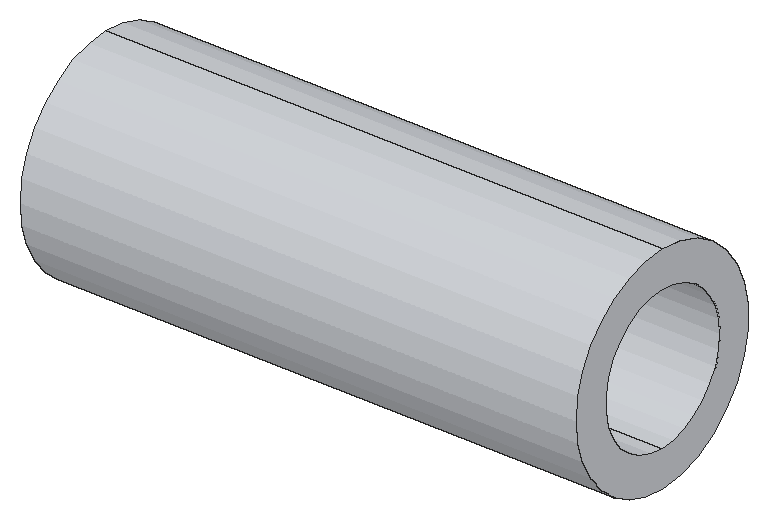
Revit family "TR3006", category Verbindungsmittel, Revit 2021
Family settings
  OmniClass-Nummer = 23.25.10.27.11.21
  OmniClass-Titel = Reinforcement Couplers
  Arbeitsebenenbasiert = Nein
  Immer vertikal = Nein
  Beim Laden mit Abzugskörper schneiden = Nein
  Gemeinsam genutzt = Nein
Parameters (values of type "TR 3006-ø18")
  URL = "http//:www.annahuette.com"
  Typenkommentare = "TR 3006 - Kontaktmuffe"
  Typenbild = TR3006.png
  TR3006-ød = 18 mm
  TR3006-ø = 27 mm
  TR3006-L_Vis = [TR3006-L] = [TR3006-L]  # yes
  TR3006-L = 70 mm
  TR3006-G_Vis = [TR3006-G] = [TR3006-G]  # yes
  TR3006-G = 0.16 kg
  Stabgröße 2 = SAS 670 - ø18
  Stabgröße 1 = SAS 670 - ø18
  Modell = "TR 3006"
  Körper = if([TR3006-G_Vis], [TR3006-G], 0.00 kg)  # 0,16 kg
  Hersteller = "Stahlwerk Annahütte Max Aicher GmbH Co.KG"
  Gesamtlänge = if([TR3006-L_Vis], [TR3006-L], 0 mm)  # 70 mm
  Endenbearbeitung 2 = Mit Gewinde
  Endenbearbeitung 1 = Mit Gewinde
  Einfassung Stab 2 = [TR3006-L] / 2  # 35 mm
  Einfassung Stab 1 = [TR3006-L] / 2  # 35 mm
  Beschreibung = "TR3006-ø18"
  Außendurchmesser = [TR3006-ø]  # 27 mm
Types (11, lengths in mm): name | TR3006-ød | TR3006-ø | TR3006-L | TR3006-G | Stabgröße 2 | Stabgröße 1 | Körper | Gesamtlänge | Einfassung Stab 2 | Einfassung Stab 1 | Beschreibung | Außendurchmesser
  (no name) | 18 | 27 | 70 | 0.16 kg | SAS 670 - ø18 | SAS 670 - ø18 | 0.16 (stored number, unit not read) | 70 | 0.11483 (stored number, unit not read) | 0.11483 (stored number, unit not read) | "TR3006-ø18" | 27
  TR 3006-ø18 | 18 | 27 | 70 | 0.16 kg | SAS 670 - ø18 | SAS 670 - ø18 | 0,16 kg | 70 | 35 mm | 35 mm | "TR3006-ø18" | 27
  TR 3006-ø22 | 22 | 32 | 75 | 0.22 kg | SAS 670 - ø22 | SAS 670 - ø22 | 0,22 kg | 75 | 38 mm | 38 mm | "TR3006-ø22" | 32
  TR 3006-ø25 | 25 | 40 | 80 | 0.43 kg | SAS 670 - ø25 | SAS 670 - ø25 | 0,43 kg | 80 | 40 mm | 40 mm | "TR3006-ø25" | 40
  TR 3006-ø28 | 28 | 45 | 90 | 0.67 kg | SAS 670 - ø28 | SAS 670 - ø28 | 0,67 kg | 90 | 45 mm | 45 mm | "TR3006-ø28" | 45
  TR 3006-ø30 | 30 | 45 | 90 | 0.60 kg | SAS 670 - ø30 | SAS 670 - ø30 | 0,60 kg | 90 | 45 mm | 45 mm | "TR3006-ø30" | 45
  TR 3006-ø35 | 35 | 50 | 120 | 0.82 kg | SAS 670 - ø35 | SAS 670 - ø35 | 0,82 kg | 120 | 60 mm | 60 mm | "TR3006-ø35" | 50
  TR 3006-ø43 | 43 | 65 | 160 | 2.08 kg | SAS 670 - ø43 | SAS 670 - ø43 | 2,08 kg | 160 | 80 mm | 80 mm | "TR3006-ø43" | 65
  TR 3006-ø50 | 50 | 70 | 170 | 2.23 kg | SAS 670 - ø50 | SAS 670 - ø50 | 2,23 kg | 170 | 85 mm | 85 mm | "TR3006-ø50" | 70
  TR 3006-ø57,5 | 57.5 | 83 | 180 | 3.55 kg | SAS 670 - ø57,5 | SAS 670 - ø57,5 | 3,55 kg | 180 | 90 mm | 90 mm | "TR3006-ø57,5" | 83
  TR 3006-ø63,5 | 63.5 | 89 | 200 | 4.24 kg | SAS 670 - ø63,5 | SAS 670 - ø63,5 | 4,24 kg | 200 | 100 mm | 100 mm | "TR3006-ø63,5" | 89
Reference planes
  plane 1: y = 0
  plane 2: z = 0
  plane 3: x = 0
  plane 4: through (-1200, 0, 0) normal (0, -0.866, -0.5)
  plane 5: through (-1200, 0, 0) normal (0, -0.866, 0.5)
Forms (mm)
  Extrusion 1, solid
    sketch origin (0, 0, 0) x (0, 0, 1) y (0, 1, 0)
      loop
        circle (0, 0) r 9
      loop
        circle (0, 0) r 13.5
    from 0 to 70 <- "TR3006-L"
Dimensions and locks
  "Gesamtlänge": Extrusion 1 to plane 3
  "TR3006-ød": diameter of Extrusion 1 sketch curve
  "TR3006-ø": diameter of Extrusion 1 sketch curve
Automatic sketch dimensions
  Extrusion 1 sketch curve to Extrusion 1 sketch curve = 0 mm  (x2)
  Extrusion 1 sketch curve to level = 0 mm
  Extrusion 1 sketch curve to plane 1 = 0 mm
